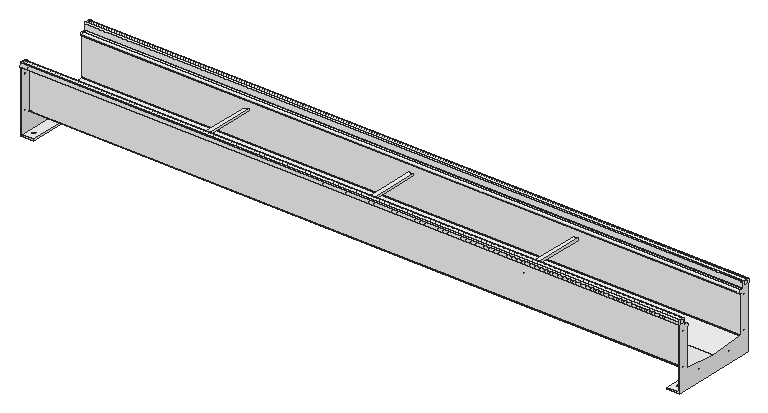
Revit family "P6080", category Plumbing Fixtures, host Face, Revit 2018
Family settings
  Host = Face
  Round Connector Dimension = Use Diameter
  Part Type = Normal
  Cut with Voids When Loaded = No
  Shared = No
  Room Calculation Point = No
Parameters (values of type "P6081-PB")
  URL = "WWW.MIFAB.COM"
  Model = "P6081-PB"
  Material = Paint - Sherwin Williams Paint - #952C2A - Bellwood Red
  Manufacturer = "MIFAB"
  LENGTH = 78.74"
  Description = "10\" WIDE, 8\" INTERNAL WIDTH, STAINLESS STEEL BODY AND GRATE SYSTEM"
  Default Elevation = 48.00"
  C1_(Shallow invert) = 6.00"
Types (21): name | Model | LENGTH | C1_(Shallow invert)
  (no name) | "P6081-PB" | 78.74" | 6.00"
  P6081-PB | "P6081-PB" | 78.74" | 6.00"
  P6081N-PB | "P6081N-PB" | 78.74" | 6.78"
  P6081N-PB-B04 | "P6081N-PB-B04" | 78.74" | 6.78"
  P6081N-PB-B06 | "P6081N-PB-B06" | 78.74" | 6.78"
  P6081N-PB-B08 | "P6081N-PB-B08" | 78.74" | 6.78"
  P6081N-PB-1M | "P6081N-PB-1M" | 39.37" | 6.78"
  P6082-PB | "P6082-PB" | 78.74" | 6.78"
  P6083-PB | "P6083-PB" | 78.74" | 7.56"
  P6083N-PB | "P6083N-PB" | 78.74" | 8.34"
  P6083N-PB-B04 | "P6083N-PB-B04" | 78.74" | 8.34"
  P6083N-PB-B06 | "P6083N-PB-B06" | 78.74" | 8.34"
  P6083N-PB-B08 | "P6083N-PB-B08" | 78.74" | 8.34"
  P6083N-PB-1M | "P6083N-PB-1M" | 39.37" | 8.34"
  P6084-PB | "P6084-PB" | 78.74" | 8.34"
  P6085-PB | "P6085-PB" | 78.74" | 9.12"
  P6085N-PB | "P6085N-PB" | 78.74" | 9.90"
  P6085N-PB-B04 | "P6085N-PB-B04" | 78.74" | 9.90"
  P6085N-PB-B06 | "P6085N-PB-B06" | 78.74" | 9.90"
  P6085N-PB-B08 | "P6085N-PB-B08" | 78.74" | 9.90"
  P6085N-PB-1M | "P6085N-PB-1M" | 39.37" | 9.90"
Reference planes (in)
  plane 1 "Center (Front/Back)": y = 0
  plane 2: z = 0
  plane 3 "Center (Left/Right)": x = 0
  plane 4: y = 4
  plane 5: y = -4
  plane 6: z = -6
  plane 7: x = 78.74
  plane 8: z = -6.12535
  plane 9: z = -0.80104
  plane 10: z = -2.05104
  plane 11: z = -7.89595
  plane 12: z = -6.54225
  plane 13: y = 3.27668
  plane 14: y = -3.27654
  plane 15: x = 0.13
  plane 16: x = 78.61
  plane 17: z = -7.89595
  plane 18: z = -7.76595
  plane 19: x = 1.5
  plane 20: z = -1.35875
  plane 21: z = -6.54225
  plane 22: x = 19.685
  plane 23: x = 39.37
  plane 24: x = 59.055
  plane 25: y = 4.43
  plane 26: y = -4.43
  plane 27: y = 5.18
  plane 28: y = -5.18
  plane 29: x = 77.24
Forms (in)
  Extrusion 1, solid, material "Paint - Sherwin Williams Paint - #952C2A - Bellwood Red" <- "Material"
    sketch origin (0, -18.04621, -10.54353) x (0, 1, 0) y (0, 0, 1)
      loop
        line (22.04621, 9.30683) -> (22.04621, 4.94692)
        arc (22.04621, 4.94692) -> (22.03311, 4.91317) -> (22.00067, 4.89712) r 0.05
        line (22.00067, 4.89712) -> (18.04621, 4.54326) -> (14.09176, 4.89712)
        arc (14.09176, 4.89712) -> (14.05932, 4.91317) -> (14.04621, 4.94692) r 0.05
        line (14.04621, 4.94692) -> (14.04621, 9.30683) -> (14.1228, 9.42073)
        arc (14.1228, 9.42073) -> (14.1337, 9.63306) -> (13.95142, 9.74249) r 0.20652
        line (13.95142, 9.74249) -> (13.63919, 9.74249)
        arc (13.63919, 9.74249) -> (13.62294, 9.74922) -> (13.61621, 9.76547) r 0.02298
        line (13.61621, 9.76547) -> (13.61621, 10.42353)
        arc (13.61621, 10.42353) -> (13.58107, 10.50838) -> (13.49621, 10.54353) r 0.12
        line (13.49621, 10.54353) -> (12.98621, 10.54353)
        arc (12.98621, 10.54353) -> (12.90136, 10.50838) -> (12.86621, 10.42353) r 0.12
        line (12.86621, 10.42353) -> (12.86621, 10.01148) -> (12.96621, 10.01148) -> (12.96621, 10.41498)
        arc (12.96621, 10.41498) -> (12.97457, 10.43517) -> (12.99476, 10.44353) r 0.02855
        line (12.99476, 10.44353) -> (13.48621, 10.44353)
        arc (13.48621, 10.44353) -> (13.50743, 10.43474) -> (13.51621, 10.41353) r 0.03
        line (13.51621, 10.41353) -> (13.51621, 9.75907)
        arc (13.51621, 9.75907) -> (13.55036, 9.67664) -> (13.63279, 9.64249) r 0.11658
        line (13.63279, 9.64249) -> (13.95142, 9.64249)
        arc (13.95142, 9.64249) -> (14.04544, 9.58605) -> (14.03981, 9.47653) r 0.10652
        line (14.03981, 9.47653) -> (13.94621, 9.33733) -> (13.94621, 4.94692)
        arc (13.94621, 4.94692) -> (13.98552, 4.84569) -> (14.08284, 4.79751) r 0.15
        line (14.08284, 4.79751) -> (18.04621, 4.44286) -> (22.00958, 4.79751)
        arc (22.00958, 4.79751) -> (22.1069, 4.84569) -> (22.14621, 4.94692) r 0.15
        line (22.14621, 4.94692) -> (22.14621, 9.33733) -> (22.05261, 9.47653)
        arc (22.05261, 9.47653) -> (22.04699, 9.58605) -> (22.14101, 9.64249) r 0.10652
        line (22.14101, 9.64249) -> (22.45963, 9.64249)
        arc (22.45963, 9.64249) -> (22.54207, 9.67664) -> (22.57621, 9.75907) r 0.11658
        line (22.57621, 9.75907) -> (22.57621, 10.41353)
        arc (22.57621, 10.41353) -> (22.585, 10.43474) -> (22.60621, 10.44353) r 0.03
        line (22.60621, 10.44353) -> (23.09621, 10.44353)
        arc (23.09621, 10.44353) -> (23.11743, 10.43474) -> (23.12621, 10.41353) r 0.03
        line (23.12621, 10.41353) -> (23.12621, 10.01148) -> (23.22621, 10.01148) -> (23.22621, 10.42353)
        arc (23.22621, 10.42353) -> (23.19107, 10.50838) -> (23.10621, 10.54353) r 0.12
        line (23.10621, 10.54353) -> (22.59621, 10.54353)
        arc (22.59621, 10.54353) -> (22.51136, 10.50838) -> (22.47621, 10.42353) r 0.12
        line (22.47621, 10.42353) -> (22.47621, 9.76547)
        arc (22.47621, 9.76547) -> (22.46948, 9.74922) -> (22.45323, 9.74249) r 0.02298
        line (22.45323, 9.74249) -> (22.14101, 9.74249)
        arc (22.14101, 9.74249) -> (21.95873, 9.63306) -> (21.96963, 9.42073) r 0.20652
        line (21.96963, 9.42073) -> (22.04621, 9.30683)
    from 0 to 78.74
  Extrusion 2, solid, material "Paint - Sherwin Williams Paint - #952C2A - Bellwood Red" <- "Material"
    sketch origin (0, 0, 0) x (0, 1, 0) y (0, 0, 1)
      loop
        line (5.08, -0.53205) -> (4.53, -0.53205) -> (4.53, -0.78446)
        arc (4.53, -0.78446) -> (4.49585, -0.86689) -> (4.41342, -0.90104) r 0.11658
        line (4.41342, -0.90104) -> (4.0948, -0.90104)
        arc (4.0948, -0.90104) -> (4.00078, -0.95748) -> (4.0064, -1.067) r 0.10652
        line (4.0064, -1.067) -> (4.1, -1.2062) -> (4.1, -5.59662)
        arc (4.1, -5.59662) -> (4.06069, -5.69784) -> (3.96337, -5.74602) r 0.15
        line (3.96337, -5.74602) -> (0, -6.10068) -> (-3.96337, -5.74602)
        arc (-3.96337, -5.74602) -> (-4.06069, -5.69784) -> (-4.1, -5.59662) r 0.15
        line (-4.1, -5.59662) -> (-4.1, -1.2062) -> (-4.0064, -1.067)
        arc (-4.0064, -1.067) -> (-4.00078, -0.95748) -> (-4.0948, -0.90104) r 0.10652
        line (-4.0948, -0.90104) -> (-4.41342, -0.90104)
        arc (-4.41342, -0.90104) -> (-4.49585, -0.86689) -> (-4.53, -0.78446) r 0.11658
        line (-4.53, -0.78446) -> (-4.53, -0.53205) -> (-5.08, -0.53205) -> (-5.08, -7.89595) -> (5.08, -7.89595) -> (5.08, -0.53205)
      loop
        circle (2.26078, -6.54225) r 0.16152
      loop
        circle (4.55875, -5.26237) r 0.16152
      loop
        circle (4.55875, -1.35875) r 0.16152
      loop
        circle (-2.26078, -6.54225) r 0.16152
      loop
        circle (-4.61918, -5.26237) r 0.16152
      loop
        circle (-4.61918, -1.35873) r 0.16152
    from 0 to 0.13
  Extrusion 3, solid, material "Paint - Sherwin Williams Paint - #952C2A - Bellwood Red" <- "Material"
    sketch origin (0, 0, 0) x (1, 0, 0) y (0, 1, 0)
      loop
        line (0.13, 5.08) -> (0.13, -5.08) -> (1.5, -5.08) -> (1.5, 5.08) -> (0.13, 5.08)
      loop
        circle (0.815, 4.1875) r 0.16
      loop
        circle (0.815, -4.1875) r 0.16
    from -7.89595 to -7.76595
  Extrusion 4, solid, material "Paint - Sherwin Williams Paint - #952C2A - Bellwood Red" <- "Material"
    sketch origin (45.53774, 0, 0) x (-1, 0, 0) y (0, -1, 0)
      loop
        line (-33.07226, -5.08) -> (-31.70226, -5.08) -> (-31.70226, 5.08) -> (-33.07226, 5.08) -> (-33.07226, -5.08)
      loop
        circle (-32.38726, -4.1875) r 0.16
      loop
        circle (-32.38726, 4.1875) r 0.16
    from -7.89595 to -7.76595
  Extrusion 5, solid, material "Paint - Sherwin Williams Paint - #952C2A - Bellwood Red" <- "Material"
    sketch origin (78.74, -18.04621, -10.54353) x (0, 1, 0) y (0, 0, 1)
      loop
        line (23.12621, 10.01148) -> (22.57621, 10.01148) -> (22.57621, 9.75907)
        arc (22.57621, 9.75907) -> (22.54207, 9.67664) -> (22.45963, 9.64249) r 0.11658
        line (22.45963, 9.64249) -> (22.14101, 9.64249)
        arc (22.14101, 9.64249) -> (22.04699, 9.58605) -> (22.05261, 9.47653) r 0.10652
        line (22.05261, 9.47653) -> (22.14621, 9.33733) -> (22.14621, 4.94692)
        arc (22.14621, 4.94692) -> (22.1069, 4.84568) -> (22.00956, 4.79751) r 0.15
        line (22.00956, 4.79751) -> (18.04636, 4.44287) -> (14.08284, 4.79751)
        arc (14.08284, 4.79751) -> (13.98552, 4.84569) -> (13.94621, 4.94692) r 0.15
        line (13.94621, 4.94692) -> (13.94621, 9.33733) -> (14.03981, 9.47653)
        arc (14.03981, 9.47653) -> (14.04544, 9.58605) -> (13.95142, 9.64249) r 0.10652
        line (13.95142, 9.64249) -> (13.63279, 9.64249)
        arc (13.63279, 9.64249) -> (13.55036, 9.67664) -> (13.51621, 9.75907) r 0.11658
        line (13.51621, 9.75907) -> (13.51621, 10.01148) -> (12.96621, 10.01148) -> (12.96621, 2.64758) -> (23.12621, 2.64758) -> (23.12621, 10.01148)
      loop
        circle (22.60496, 9.18479) r 0.16152
      loop
        circle (22.60496, 5.28009) r 0.16152
      loop
        circle (20.30699, 4.00128) r 0.16152
      loop
        circle (15.78543, 4.00128) r 0.16152
      loop
        circle (13.42496, 5.28116) r 0.16152
      loop
        circle (13.42496, 9.18479) r 0.16152
    from 0 to -0.13
  Sweep 6, solid, material "Paint - Sherwin Williams Paint - #952C2A - Bellwood Red" <- "Material"
    path origin (0, 0, 0) x (1, 0, 0) y (0, 1, 0)
      loop
        line (78.74, 0) -> (0, 0)
    profile origin (39.37, 0, 0) x (0, -1, 0) y (0, 0, 1)
      loop
        arc (-4.53, -0.13) -> (-4.53879, -0.10879) -> (-4.56, -0.1) r 0.03
        line (-4.56, -0.1) -> (-5.05, -0.1)
        arc (-5.05, -0.1) -> (-5.07121, -0.10879) -> (-5.08, -0.13) r 0.03
        line (-5.08, -0.13) -> (-5.08, -0.53205) -> (-4.53, -0.53205) -> (-4.53, -0.13)
      loop
        line (5.08, -0.53205) -> (5.08, -0.12855)
        arc (5.08, -0.12855) -> (5.07164, -0.10836) -> (5.05145, -0.1) r 0.02855
        line (5.05145, -0.1) -> (4.56, -0.1)
        arc (4.56, -0.1) -> (4.53879, -0.10879) -> (4.53, -0.13) r 0.03
        line (4.53, -0.13) -> (4.53, -0.53205) -> (5.08, -0.53205)
  Sweep 7, solid, material "Paint - Sherwin Williams Paint - #952C2A - Bellwood Red" <- "Material"
    path origin (0, 0, 0) x (1, 0, 0) y (0, 1, 0)
      loop
        line (19.685, 4) -> (19.685, -4)
    profile origin (19.685, 0, 0) x (1, 0, 0) y (0, 0, 1)
      loop
        line (-0.25, -2.05104) -> (-0.25, -2.30104) -> (0.25, -2.30104) -> (0.25, -2.05104) -> (-0.25, -2.05104)
  Sweep 8, solid, material "Paint - Sherwin Williams Paint - #952C2A - Bellwood Red" <- "Material"
    path origin (0, 0, 0) x (1, 0, 0) y (0, 1, 0)
      loop
        line (39.37, 4) -> (39.37, -4)
    profile origin (39.37, 0, 0) x (1, 0, 0) y (0, 0, 1)
      loop
        line (-0.25, -2.05104) -> (-0.25, -2.30104) -> (0.25, -2.30104) -> (0.25, -2.05104) -> (-0.25, -2.05104)
  Sweep 9, solid, material "Paint - Sherwin Williams Paint - #952C2A - Bellwood Red" <- "Material"
    path origin (0, 0, 0) x (1, 0, 0) y (0, 1, 0)
      loop
        line (59.055, 4) -> (59.055, -4)
    profile origin (59.055, 0, 0) x (1, 0, 0) y (0, 0, 1)
      loop
        line (-0.25, -2.05104) -> (-0.25, -2.30104) -> (0.25, -2.30104) -> (0.25, -2.05104) -> (-0.25, -2.05104)
  Extrusion 10, void
    sketch origin (0, 0, 0) x (1, 0, 0) y (0, 1, 0)
      loop
        line (0, 5.18) -> (0, -5.18) -> (78.74, -5.18) -> (78.74, 5.18) -> (0, 5.18)
    from -7.89595 to 0
Cuts and joins
  joined: Extrusion 1, Extrusion 2, Extrusion 3, Extrusion 4, Extrusion 5
Lines and regions (in)
  model lines, not visible
    curve 1: line (59.65335, -20.93764, 0) -> (59.65335, -8.19764, 0)
    curve 2: line (59.65335, -8.19764, 0) -> (68.65335, -8.19764, 0)
    curve 3: line (59.65335, -20.93764, 0) -> (68.65335, -20.93764, 0)
    curve 4: line (59.65335, -14.56764, 0) -> (62.65335, -14.56764, 0)
    curve 11: line (0, -13.07388, 3.88911) -> (0, -13.07388, 6.5528)
    curve 12: line (0, -13.07388, 6.5528) -> (0, -21.93388, 6.5528)
    curve 13: line (0, -21.93388, 6.5528) -> (0, -21.93388, 3.88911)
    curve 14: line (0, -17.50388, 6.5528) -> (0, -17.50388, 5.5528)
  symbolic lines
    curve 5: line (0, 7.12, 0) -> (0, -7.12, 0)
    curve 6: line (78.74, 7.12, 0) -> (0, 7.12, 0)
    curve 7: line (78.74, -7.12, 0) -> (0, -7.12, 0)
    curve 8: line (78.74, 7.12, 0) -> (78.74, -7.12, 0)
    curve 9: line (0, 6.37, 0) -> (78.74, 6.37, 0)
    curve 10: line (0, -6.37, 0) -> (78.74, -6.37, 0)
Dimensions and locks (in)
  equal spacing: plane 4, plane 1 "Center (Front/Back)", plane 5
  locked: plane 4 to plane 5 at 8
  "C1_(Shallow invert)": plane 2 to plane 6
  "LENGTH": plane 3 "Center (Left/Right)" to plane 7
  locked: plane 9 to plane 10 at 1.25
  plane 6 to plane 8 = 0.12535"
  locked: plane 11 to plane 6 at 1.89595
  locked: plane 9 to Extrusion 2 sketch curve at 0.55771
  locked: plane 9 to Extrusion 2 sketch curve at 0.55769
  locked: plane 11 to plane 12 at 1.35371
  locked: plane 12 to Extrusion 2 sketch curve at 1.27987  (x2)
  locked: plane 3 "Center (Left/Right)" to plane 15 at 0.13
  locked: plane 7 to plane 16 at 0.13
  locked: plane 8 to plane 17 at 1.7706
  locked: plane 18 to plane 17 at 0.13
  locked: plane 19 to plane 3 "Center (Left/Right)" at 1.5
  plane 7 to plane 16 = 0.13"
  locked: plane 20 to plane 2 at 1.35875
  locked: plane 21 to plane 17 at 1.35371
  equal spacing: plane 3 "Center (Left/Right)", plane 22, plane 23, plane 24, plane 7
  equal spacing: Sweep 7 sketch curve, plane 22, Sweep 7 sketch curve, locked at 0.25 each
  locked: plane 10 to Sweep 7 sketch curve at 0.25
  locked: plane 10 to Sweep 8 sketch curve at 0.25
  equal spacing: Sweep 8 sketch curve, plane 23, Sweep 8 sketch curve, locked at 0.25 each
  locked: plane 10 to Sweep 9 sketch curve at 0.25
  equal spacing: Sweep 9 sketch curve, plane 24, Sweep 9 sketch curve, locked at 0.25 each
  equal spacing: plane 26, plane 1 "Center (Front/Back)", plane 25
  locked: plane 26 to plane 25 at 8.86
  equal spacing: plane 28, plane 1 "Center (Front/Back)", plane 27
  locked: plane 28 to plane 27 at 10.36
  plane 9 to plane 10 = 1.25"
  locked: plane 7 to plane 29 at 1.5
  plane 27 to plane 28 = 10.36"
  plane 25 to plane 26 = 8.86"
  plane 4 to plane 5 = 8.00"
  host face to plane 6 = 6.00"
  aligned and locked: host face to plane 2
  aligned and locked: host face to level
  aligned and locked: Extrusion 1 to plane 3 "Center (Left/Right)"
  aligned and locked: plane 7 to Extrusion 1
  aligned and locked: plane 9 to Extrusion 1  (x2)
  aligned and locked: plane 11 to Extrusion 2 sketch curve
  aligned and locked: plane 12 to Extrusion 2 sketch curve  (x2)
  aligned and locked: Extrusion 2 to plane 3 "Center (Left/Right)"
  aligned and locked: Extrusion 2 to plane 15
  aligned and locked: Extrusion 3 to plane 18
  aligned and locked: plane 17 to Extrusion 4
  aligned and locked: Extrusion 4 to plane 18
  aligned and locked: Extrusion 2 to Extrusion 3  (x2)
  aligned and locked: plane 17 to Extrusion 5 sketch curve
  aligned and locked: Extrusion 5 to plane 16
  aligned and locked: plane 21 to Extrusion 5 sketch curve  (x2)
  aligned and locked: plane 20 to Extrusion 5 sketch curve  (x2)
  aligned and locked: Sweep 6 sketch curve to plane 1 "Center (Front/Back)"
  aligned and locked: plane 3 "Center (Left/Right)" to Sweep 6 sketch curve
  aligned and locked: plane 7 to Sweep 6 sketch curve
  aligned and locked: Sweep 7 sketch curve to plane 22
  aligned and locked: plane 4 to Sweep 7 sketch curve
  aligned and locked: plane 5 to Sweep 7 sketch curve
  aligned and locked: Sweep 8 sketch curve to plane 23
  aligned and locked: plane 4 to Sweep 8 sketch curve
  aligned and locked: plane 5 to Sweep 8 sketch curve
  aligned and locked: Sweep 8 sketch curve to plane 10
  aligned and locked: Sweep 9 sketch curve to plane 24
  aligned and locked: Sweep 9 sketch curve to plane 4
  aligned and locked: Sweep 9 sketch curve to plane 5
  aligned and locked: Sweep 9 sketch curve to plane 10
  aligned and locked: Extrusion 10 sketch curve to plane 3 "Center (Left/Right)"
  aligned and locked: Extrusion 10 sketch curve to plane 7
  aligned and locked: Extrusion 10 to plane 17
  aligned and locked: plane 2 to Extrusion 10
  aligned and locked: curve 8 to plane 7
  aligned and locked: plane 3 "Center (Left/Right)" to curve 6
  aligned and locked: plane 7 to curve 9
  aligned and locked: plane 3 "Center (Left/Right)" to curve 10
  aligned and locked: Extrusion 2 sketch curve to cut or joined group of Extrusion 1, Extrusion 2, Extrusion 3, Extrusion 4, Extrusion 5  (x5)
  aligned and locked: Extrusion 5 sketch curve to cut or joined group of Extrusion 1, Extrusion 2, Extrusion 3, Extrusion 4, Extrusion 5  (x8)
  aligned and locked: Sweep 6 sketch curve to cut or joined group of Extrusion 1, Extrusion 2, Extrusion 3, Extrusion 4, Extrusion 5  (x4)
  aligned and locked: Extrusion 3 to Extrusion 2
  aligned and locked: Extrusion 4 to Extrusion 2
  aligned and locked: Extrusion 2 to Extrusion 4
  aligned and locked: cut or joined group of Extrusion 1, Extrusion 2, Extrusion 3, Extrusion 4, Extrusion 5 to Extrusion 2 sketch curve
  aligned and locked: cut or joined group of Extrusion 1, Extrusion 2, Extrusion 3, Extrusion 4, Extrusion 5 to Extrusion 5 sketch curve
  aligned and locked: cut or joined group of Extrusion 1, Extrusion 2, Extrusion 3, Extrusion 4, Extrusion 5 to plane 29
  aligned and locked: Extrusion 10 to cut or joined group of Extrusion 1, Extrusion 2, Extrusion 3, Extrusion 4, Extrusion 5  (x2)
Automatic sketch dimensions
  curve 1 to curve 2 = 12.74"
  curve 4 to curve 4 = 3.00"
  curve 4 to curve 3 = 6.00"
  curve 4 to curve 2 = 6.00"
  curve 1 to curve 4 = 6.37"
  host sketch curve to host sketch curve = 129.03649"
  host sketch curve to host sketch curve = 96.00"
  Sweep 7 sketch curve to Sweep 7 sketch curve = 0.25"
  profile plane to Sweep 7 sketch curve = 0.25"
  profile plane to Sweep 8 sketch curve = 0.25"
  profile plane to Sweep 9 sketch curve = 0.25"
  curve 12 to curve 12 = 8.86"
  curve 12 to curve 14 = 4.43"
  curve 14 to curve 14 = 1.00"
  curve 11 to curve 11 = 2.66369"
  curve 13 to curve 12 = 2.66369"
  plane 28 to curve 5 = 1.94"
  plane 27 to curve 6 = 1.94"
  curve 7 to curve 10 = 0.75"
  curve 9 to curve 5 = 0.75"
  Extrusion 1 sketch curve to Extrusion 1 sketch curve = 0.00"  (x8)
  Extrusion 1 sketch curve to plane 28 = 0.00"
  Extrusion 1 sketch curve to level = 0.00"  (x2)
  Extrusion 1 sketch curve to plane 26 = 0.00"
  Extrusion 1 sketch curve to plane 9 = 0.00"  (x2)
  Extrusion 1 sketch curve to plane 5 = 0.00"
  Extrusion 1 sketch curve to plane 1 "Center (Front/Back)" = 0.00"  (x2)
  Extrusion 1 sketch curve to plane 4 = 0.00"
  Extrusion 1 sketch curve to plane 25 = 0.00"
  Extrusion 1 sketch curve to plane 27 = 0.00"
  Extrusion 1 sketch curve to plane 28 = 0.10"
  Extrusion 1 sketch curve to plane 28 = 0.12"
  Extrusion 1 sketch curve to Extrusion 1 sketch curve = 0.00855"
  plane 26 to Extrusion 1 sketch curve = 0.13"
  Extrusion 1 sketch curve to Extrusion 1 sketch curve = 0.01"  (x5)
  plane 9 to Extrusion 1 sketch curve = 0.01658"  (x2)
  plane 26 to Extrusion 1 sketch curve = 0.10"
  Extrusion 1 sketch curve to plane 26 = 0.01658"
  Extrusion 1 sketch curve to Extrusion 1 sketch curve = 0.0064"  (x2)
  Extrusion 1 sketch curve to plane 5 = 0.10"
  Extrusion 1 sketch curve to plane 5 = 0.0948"
  Extrusion 1 sketch curve to plane 5 = 0.0064"
  plane 5 to Extrusion 1 sketch curve = 0.03663"
  plane 5 to Extrusion 1 sketch curve = 0.04554"
  plane 5 to Extrusion 1 sketch curve = 0.05"
  plane 5 to Extrusion 1 sketch curve = 0.07659"
  Extrusion 1 sketch curve to plane 4 = 0.07659"
  Extrusion 1 sketch curve to Extrusion 1 sketch curve = 0.05"
  Extrusion 1 sketch curve to plane 4 = 0.04554"
  Extrusion 1 sketch curve to plane 4 = 0.03663"
  plane 4 to Extrusion 1 sketch curve = 0.0064"
  plane 4 to Extrusion 1 sketch curve = 0.0948"
  plane 4 to Extrusion 1 sketch curve = 0.10"
  plane 9 to Extrusion 1 sketch curve = 0.02298"
  plane 25 to Extrusion 1 sketch curve = 0.10"
  plane 25 to Extrusion 1 sketch curve = 0.12"
  Extrusion 1 sketch curve to plane 27 = 0.13"
  Extrusion 1 sketch curve to plane 27 = 0.10"
  Extrusion 1 sketch curve to Extrusion 1 sketch curve = 0.10652"  (x2)
  Extrusion 1 sketch curve to Extrusion 1 sketch curve = 0.1392"  (x2)
  Extrusion 1 sketch curve to Extrusion 1 sketch curve = 0.03049"  (x2)
  plane 6 to Extrusion 1 sketch curve = 0.40338"  (x2)
  Extrusion 1 sketch curve to plane 6 = 0.00028"
  plane 8 to Extrusion 1 sketch curve = 0.02467"
  plane 9 to Extrusion 1 sketch curve = 0.26899"  (x2)
  Extrusion 2 sketch curve to plane 1 "Center (Front/Back)" = 0.00"
  plane 26 to Extrusion 2 sketch curve = 0.18918"  (x2)
  Extrusion 2 sketch curve to plane 28 = 0.10"
  Extrusion 2 sketch curve to plane 5 = 0.0064"
  plane 5 to Extrusion 2 sketch curve = 0.03663"
  Extrusion 2 sketch curve to plane 14 = 1.01576"
  plane 13 to Extrusion 2 sketch curve = 1.0159"
  Extrusion 2 sketch curve to plane 4 = 0.03663"
  plane 4 to Extrusion 2 sketch curve = 0.0064"
  plane 4 to Extrusion 2 sketch curve = 0.0948"
  Extrusion 2 sketch curve to plane 25 = 0.01658"
  plane 9 to Extrusion 2 sketch curve = 0.01658"
  plane 25 to Extrusion 2 sketch curve = 0.10"
  plane 25 to Extrusion 2 sketch curve = 0.12875"  (x2)
  Extrusion 2 sketch curve to plane 27 = 0.10"
  Extrusion 2 sketch curve to Extrusion 2 sketch curve = 0.1392"  (x2)
  Extrusion 2 sketch curve to Extrusion 2 sketch curve = 0.30517"
  Extrusion 2 sketch curve to Extrusion 2 sketch curve = 0.25241"  (x2)
  Extrusion 3 sketch curve to plane 15 = 0.00"
  Extrusion 3 sketch curve to plane 19 = 0.00"
  plane 4 to Extrusion 3 sketch curve = 0.1875"
  Extrusion 3 sketch curve to plane 15 = 0.685"  (x2)
  Extrusion 3 sketch curve to plane 5 = 0.1875"
  Extrusion 3 sketch curve to plane 28 = 0.10"
  Extrusion 3 sketch curve to plane 27 = 0.10"
  Extrusion 4 sketch curve to plane 16 = 0.00"
  Extrusion 4 sketch curve to plane 29 = 0.00"
  Extrusion 4 sketch curve to plane 4 = 0.1875"
  plane 16 to Extrusion 4 sketch curve = 0.685"  (x2)
  plane 5 to Extrusion 4 sketch curve = 0.1875"
  plane 28 to Extrusion 4 sketch curve = 0.10"
  plane 27 to Extrusion 4 sketch curve = 0.10"
  Extrusion 5 sketch curve to Extrusion 1 = 0.00"  (x3)
  Extrusion 1 to Extrusion 5 sketch curve = 0.00"  (x2)
  Extrusion 1 to Extrusion 5 sketch curve = 0.09125"  (x2)
  Extrusion 5 sketch curve to Extrusion 1 = 0.0064"  (x2)
  Extrusion 1 to Extrusion 5 sketch curve = 0.03663"
  Extrusion 1 to Extrusion 5 sketch curve = 1.73922"  (x2)
  Extrusion 5 sketch curve to Extrusion 5 sketch curve = 2.26093"
  Extrusion 1 to Extrusion 5 sketch curve = 0.02875"  (x2)
  Extrusion 5 sketch curve to Extrusion 5 sketch curve = 0.33317"
  Extrusion 5 sketch curve to Extrusion 5 sketch curve = 0.33424"
  Sweep 6 sketch curve to Sweep 6 sketch curve = 0.4035"
  Sweep 6 sketch curve to Sweep 6 sketch curve = 0.40205"
  plane 28 to Extrusion 10 sketch curve = 0.00"
  plane 27 to Extrusion 10 sketch curve = 0.00"
  radius of Extrusion 2 sketch curve = 0.16152"  (x6)
  radius of Extrusion 3 sketch curve = 0.16"  (x2)
  radius of Extrusion 4 sketch curve = 0.16"  (x2)
  radius of Extrusion 5 sketch curve = 0.16152"  (x6)
